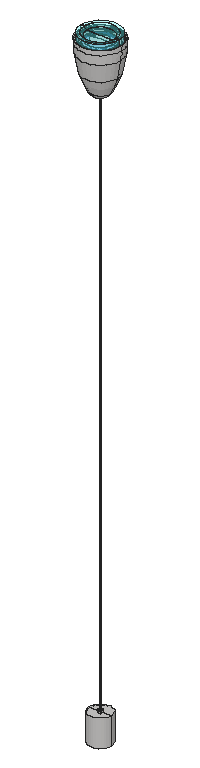
Revit family "50700_BEGA_Revit", category Generic Models, host Face, Revit 2017
Family settings
  Host = Face
  Can host rebar = No
  Round Connector Dimension = Use Diameter
  Part Type = Normal
  Cut with Voids When Loaded = No
  Shared = No
  Room Calculation Point = No
Parameters
  Default Elevation = 4' - 0"
Reference planes (in)
  plane 1 "Center (Front/Back)": y = 0
  plane 2: z = 0
  plane 3 "Center (Left/Right)": x = 0
Lines and regions (in)
  reference lines
    curve 1: line (0, 48, 0) -> (0, -48, 0)
    curve 2: line (48, 0, 0) -> (-48, 0, 0)
Dimensions and locks (in)
  aligned and locked: plane 2 to host face
  aligned and locked: level to host face
Nested families (in)
  nested 1: "50700.2_BEGA_Revit" at (0, 0, 0), type "BEGA_50700.2_K3"
    with Serial_number "Here you can enter the individual serial number for use in facility management.", Restrictions_to_operation_position "", Material_01 BEGA_finishes_graphite_matt, Distance_to_illuminated_objects "", Dimmable "DALI", Connected_wattage "13.4 W"
Definition of nested family "50700.2_BEGA_Revit"
  Parameters (values of type "BEGA_50700.2_K4")
    Weight = "1.95 kg"
    Voltage = 239.996 V
    Update = "2019-09-02T04:00:22"
    URL = "http://www.bega.de/de/produkt/50700.2"
    Type Comments = "© 2019 BEGA. Technical amendments reserved."
    Surface_temperature = ""
    Service_life_criteria = "L70B50 @ 25 °C = 275000 h"
    Serial_number [instance] = "Here you can enter the individual serial number for use in facility management."
    Safety_class = "I"
    Restrictions_to_operation_position [instance] = ""
    Protection_class = "IP 20"
    Product_data_sheet = "http://www.bega.de/download/Xrfa/db/50700.2.db.en.pdf"
    Order_number = "50700.2K4"
    Number_of_luminaires = ""
    Model = "50700.2K4"
    Material_18 = none
    Material_17 = none
    Material_15 = none
    Material_11 = none
    Material_10 = none
    Material_09 = none
    Material_06 = none
    Material_03 = none
    Material_02 = none
    Material_01 [instance] = none
    Manufacturer = "BEGA"  # constant formula
    M_W = no
    M_G = no
    M_A = no
    Luminaire_luminous_flux = "1195 lm"
    Logo = 0
    Load_Classification = none
    Lamp_luminous_flux = "1760 lm"
    Lamp = "LED 11.5 W"
    LED_module_designation = "LED-0800/940"
    Half_beam_angle = ""
    Frequency = "0/50-60 Hz"
    Fixing_hole = ""
    Fixing_distance = ""
    Energy_efficiency_class = "LED A++ - A"
    built-in parameter 1150104 = 14.214 (stored number, unit not read)
    Wattage = 11.5 W
    ENEC = ""
    Distance_to_illuminated_objects [instance] = ""
    Dimmable [instance] = "DALI"
    Description_custom_made_product = "Here you can specify modifications of your custom-made product"
    Description = "Pendant luminaire"
    Default Elevation = 0' - 0"
    built-in parameter 1150113 = 1 (stored number, unit not read)
    Custom_made_product = no
    Current = ""
    Connection_box = ""
    Connecting_cable = ""
    Connected_wattage [instance] = "13.4 W"
    Colour_temperature = "4000 K"
    Colour_rendering_index = "CRI > 90"
    CE_conformity = "yes"
    Bega_IES = yes
    Ballproof = ""
    built-in parameter 1114218 = 1 (stored number, unit not read)
    built-in parameter 1150134 = 12
    built-in parameter 1150109 = 1 (stored number, unit not read)
    built-in parameter 1150110 = 1 (stored number, unit not read)
    Tilt Angle = 0.00°
    built-in parameter 1114217 = 1 (stored number, unit not read)
    built-in parameter 1150139 = (empty or 0)
    built-in parameter 1150105 = 140.02 (stored number, unit not read)
    built-in parameter 1150114 = 1 (stored number, unit not read)
    Lumens = 1759.5 lm
    built-in parameter 1150115 = 1 (stored number, unit not read)
    built-in parameter 1150112 = 1 (stored number, unit not read)
    Dimming Lamp Color Temperature Shift = (empty or 0)
    Color Filter = 16777215
    BEGA_internal_structure = yes
    BEGA_internal_on = yes
    BEGA_internal_off = yes
    BEGA_internal = yes
    BEGA_dummy = no
    built-in parameter 1150133 = 10 (stored number, unit not read)
    built-in parameter 1150137 = (empty or 0)
    built-in parameter 1150132 = (empty or 0)
    Photometric Web File = "BE_50700K4.IES"
    built-in parameter 1150106 = 1.4002 (stored number, unit not read)
    built-in parameter 1150107 = 4000 (stored number, unit not read)
    built-in parameter 1150102 = (empty or 0)
    built-in parameter 1150138 = (empty or 0)
    Apparent Load = 0 VA
    Ambient_temperature = "25 °C"
    AC/DC = "AC/DC"
  Types (2): name | Order_number | Model | Luminaire_luminous_flux | Lamp_luminous_flux | LED_module_designation | built-in parameter 1150104 | Colour_temperature | built-in parameter 1150134 | built-in parameter 1150105 | Lumens | Photometric Web File | built-in parameter 1150106 | built-in parameter 1150107
    BEGA_50700.2_K3 | "50700.2K3" | "50700.2K3" | "1178 lm" | "1735 lm" | "LED-0800/930" | 14.019 (stored number, unit not read) | "3000 K" | (empty or 0) | 138.09 (stored number, unit not read) | 1735.35 lm | "BE_50700K3.IES" | 1.3809 (stored number, unit not read) | 3000 (stored number, unit not read)
    BEGA_50700.2_K4 | "50700.2K4" | "50700.2K4" | "1195 lm" | "1760 lm" | "LED-0800/940" | 14.214 (stored number, unit not read) | "4000 K" | 12 | 140.02 (stored number, unit not read) | 1759.5 lm | "BE_50700K4.IES" | 1.4002 (stored number, unit not read) | 4000 (stored number, unit not read)
  Reference planes (in)
    plane 1 "Center (Front/Back)": y = 0
    plane 2: z = 0
    plane 3 "Center (Left/Right)": x = 0
    plane 4 "left": x = -2.62394
    plane 5 "right": x = 2.62394
    plane 6 "down": y = -2.62394
    plane 7 "up": y = 2.62394
    plane 8 "Back": z = 0
    plane 9 "Front": z = 78.74016
  Forms (in)
    Extrusion 1, solid
      sketch origin (0, 0, 0) x (1, 0, 0) y (0, 1, 0)
        loop
          line (-7.87402, 7.87402) -> (-7.87402, -7.87402) -> (7.87402, -7.87402) -> (7.87402, 7.87402) -> (-7.87402, 7.87402)
      from 0 to -0.3937
    Extrusion 2, solid, visible <- "BEGA_dummy"
      sketch origin (3.03736, -2.99303, 0) x (1, 0, 0) y (0, 1, 0)
        loop
          circle (-3.03736, 2.99303) r 2.62394
      from 0 to 78.74016
  Dimensions and locks (in)
    aligned and locked: plane 2 to Extrusion 1
    aligned and locked: level to Extrusion 1
  Nested families (in)
    nested 1: "50700.2" at (0, 0, 0), type "50700.2"
  Connectors (in)
    electrical at (0, 0, 0), driven by "Apparent Load", driven by "Load_Classification", driven by "Voltage"
      settings: on Extrusion 1, index 1, voltage 239.996 V, apparent load 0 VA, apparent load phase1 0 VA, apparent load phase2 0 VA, apparent load phase3 0 VA, power factor 1, load classification none, number of poles 1, system type 31, power factor state 1, is connector primary yes, connector utility no, sub classification motor no, connector description ""
  Definition of nested family "50700.2"
    Parameters (values of type "50700.2")
      Default Elevation = 0' - 0.03937"
      URL = "http://www.bega.de/de/produkt"
      Type Comments = "© 2015 BEGA. Wir behalten uns das Recht vor, technische Änderungen ohne vorherige Ankündigung vorzunehmen. "  # constant formula
      Type Image = (empty or 0)
      Neigungswinkel_um_Z2 = 0.00°
      Neigungswinkel_um_Z1 = 0.00°
      Neigungswinkel_um_Y2 = 0.00°
      Neigungswinkel_um_Y1 = 0.00°
      Neigungswinkel_um_X2 = 0.00°
      Neigungswinkel_um_X1 = 0.00°
      Material_18 = none
      Material_17 = none
      Material_15 = none
      Material_11 = none
      Material_10 = none
      Material_09 = none
      Material_06 = none
      Material_02 = none
      Material_01 = none
      M_W = yes
      M_G = yes
      M_A = yes
      Länge_Platte = 0' - 7.87402"  # constant formula
      Höhe_Platte = -0' - 0.3937"  # constant formula
      Manufacturer = "BEGA"  # constant formula
      Drehwinkel_um_Z2 = 0.00°
      Drehwinkel_um_Z1 = 0.00°
      Breite_Platte = 0' - 7.87402"  # constant formula
    Reference planes (in)
      plane 1 "Mitte (Oben/Unten)": y = 0
      plane 2: z = 0
      plane 3 "Mitte (Links/Rechts)": x = 0
      plane 4: z = 78.74016
      plane 5: x = 2.62394
      plane 6: x = -2.62394
      plane 7: z = 0
      plane 8: y = 2.62394
      plane 9: y = -2.62394
    Forms (in)
      Extrusion 1, solid, detail levels medium
        sketch origin (0, 0, 0) x (1, 0, 0) y (0, 1, 0)
          loop
            line (-3.93701, 3.93701) -> (-3.93701, -3.93701) -> (3.93701, -3.93701) -> (3.93701, 3.93701) -> (-3.93701, 3.93701)
        from 0 to -0.3937 <- "Höhe_Platte"
      Revolve 2, solid, material <- "Material_09"
        sketch origin (0, 0, 0) x (1, 0, 0) y (0, 0, 1)
          loop
            line (-2.42126, 77.83465) -> (-2.12588, 77.83465) -> (-2.11558, 77.44094) -> (-1.81091, 77.44094) -> (-1.81091, 77.55906) -> (-1.80184, 77.73202)
            arc (-1.80184, 77.73202) -> (-1.75027, 77.85438) -> (-1.63272, 77.91616) r 0.19686
            arc (-1.63272, 77.91616) -> (-0.81836, 78.00214) -> (0, 78.03147) r 11.80979
            line (0, 78.03147) -> (0, 78.34647)
            arc (0, 78.34647) -> (-0.80736, 78.36619) -> (-1.6128, 78.42531) r 16.53541
            arc (-1.6128, 78.42531) -> (-1.83867, 78.5253) -> (-1.96052, 78.74016) r 0.39372
            line (-1.96052, 78.74016) -> (-2.40545, 78.74016) -> (-2.42126, 77.83465)
          axis (0, 78.74016) -> (0, 77.44094)
        angle from 0 to 360
      Revolve 3, solid, material <- "Material_06"
        sketch origin (0, 0, 0) x (1, 0, 0) y (0, 0, 1)
          loop
            line (-2.62394, 78.14961) -> (-2.61497, 77.63588)
            arc (-2.61497, 77.63588) -> (-2.59273, 77.07794) -> (-2.54542, 76.52156) r 12.41445
            arc (-2.54542, 76.52156) -> (-2.38385, 75.45002) -> (-2.13225, 74.39599) r 12.80224
            arc (-2.13225, 74.39599) -> (-1.76288, 73.369) -> (-1.25654, 72.40217) r 7.96159
            arc (-1.25654, 72.40217) -> (-0.78143, 71.88645) -> (-0.14688, 71.58807) r 1.82415
            line (-0.14688, 71.58807) -> (0, 71.58807) -> (0, 71.76898) -> (-0.36628, 71.76898)
            arc (-0.36628, 71.76898) -> (-0.9409, 72.17226) -> (-1.35268, 72.74081) r 2.12409
            arc (-1.35268, 72.74081) -> (-1.71226, 73.45823) -> (-1.97855, 74.21526) r 6.35444
            line (-1.97855, 74.21526) -> (-2.02746, 76.08268) -> (-2.28673, 76.08268) -> (-2.33258, 77.83465) -> (-2.42594, 77.83465) -> (-2.42905, 78.01181) -> (-2.52309, 78.01181) -> (-2.52548, 78.14961) -> (-2.62394, 78.14961)
          axis (0, 71.58807) -> (0, 78.14961)
        angle from 0 to 360
      Revolve 4, solid, material <- "Material_18"
        sketch origin (0, 0, 0) x (1, 0, 0) y (0, 0, 1)
          loop
            line (-0.07857, 2.71654) -> (0, 2.71654) -> (0, 72.28451)
            arc (0, 72.28451) -> (-0.03928, 72.28445) -> (-0.07857, 72.28425) r 11.94158
            line (-0.07857, 72.28425) -> (-0.07857, 2.71654)
          axis (0, 72.28451) -> (0, 2.71654)
        angle from 0 to 360
      Revolve 5, solid, material <- "Material_06"
        sketch origin (0, 0, 0) x (1, 0, 0) y (0, 0, 1)
          loop
            line (-1.34075, 0) -> (-1.34075, 3.30944) -> (-0.16885, 3.30944) -> (-0.16885, 3.34646) -> (-1.37933, 3.34646) -> (-1.37933, 0) -> (-1.34075, 0)
          axis (0, 3.34646) -> (0, 0)
        angle from 0 to 360
      Revolve 6, solid, material <- "Material_06"
        sketch origin (0, 0, 0) x (1, 0, 0) y (0, 0, 1)
          loop
            line (-0.27635, 3.46457) -> (-0.27635, 3.34646) -> (-0.16295, 3.34646) -> (-0.16295, 3.30333) -> (-0.27635, 3.30333) -> (-0.27635, 3.27204) -> (-0.08571, 3.27204) -> (-0.08571, 3.46457) -> (-0.27635, 3.46457)
          axis (0, 3.46457) -> (0, 3.27204)
        angle from 0 to 360
      Revolve 7, solid, material <- "Material_10"
        sketch origin (0, 0, 0) x (1, 0, 0) y (0, 0, 1)
          loop
            arc (-1.63272, 77.91616) -> (-1.75027, 77.85438) -> (-1.80184, 77.73202) r 0.19686
            line (-1.80184, 77.73202) -> (-1.81091, 77.55906) -> (-1.81091, 77.44094) -> (-1.78781, 77.46404) -> (-1.78781, 77.55906) -> (-1.77877, 77.73153)
            arc (-1.77877, 77.73153) -> (-1.73454, 77.84131) -> (-1.62999, 77.89677) r 0.17256
            arc (-1.62999, 77.89677) -> (-1.34612, 77.93282) -> (-1.0615, 77.96241) r 12.59331
            line (-1.0615, 77.96241) -> (-1.03948, 77.98443)
            arc (-1.03948, 77.98443) -> (-1.33653, 77.95404) -> (-1.63272, 77.91616) r 11.80979
          axis (0, 77.98443) -> (0, 77.44094)
        angle from 0 to 360
      Revolve 8, solid, material <- "Material_17"
        sketch origin (0, 0, 0) x (1, 0, 0) y (0, 0, 1)
          loop
            line (-2.1377, 77.44094) -> (-2.1377, 77.40157) -> (-1.96281, 77.40157)
            arc (-1.96281, 77.40157) -> (-1.54588, 76.83781) -> (-1.01612, 76.37843) r 3.1987
            line (-1.01612, 76.37843) -> (-0.39316, 76.33489) -> (-0.39316, 76.37435) -> (-1.00798, 76.41732)
            arc (-1.00798, 76.41732) -> (-1.52291, 76.87793) -> (-1.92333, 77.44094) r 3.10717
            line (-1.92333, 77.44094) -> (-2.1377, 77.44094)
          axis (0, 76.33489) -> (0, 77.44094)
        angle from 0 to 360
      Revolve 9, solid, material <- "Material_15"
        sketch origin (0, 0, 0) x (1, 0, 0) y (0, 0, 1)
          loop
            line (0, 76.20079) -> (0, 76.26181) -> (-0.39316, 76.26181) -> (-0.39316, 76.20079) -> (0, 76.20079)
          axis (0, 76.20079) -> (0, 76.26181)
        angle from 0 to 360
    Dimensions and locks (in)
      equal spacing: Extrusion 1 sketch curve, plane 3 "Mitte (Links/Rechts)", Extrusion 1 sketch curve
      equal spacing: Extrusion 1 sketch curve, plane 1 "Mitte (Oben/Unten)", Extrusion 1 sketch curve
      "Länge_Platte": Extrusion 1 sketch curve to Extrusion 1 sketch curve
      "Breite_Platte": Extrusion 1 sketch curve to Extrusion 1 sketch curve
      aligned and locked: plane 2 to Extrusion 1
      aligned and locked: level to Extrusion 1
    Automatic sketch dimensions
      Revolve 2 sketch curve to plane 3 "Mitte (Links/Rechts)" = 0' - 2.40545"
      Revolve 2 sketch curve to Revolve 2 sketch curve = 0' - 0.01581"
      Revolve 2 sketch curve to Revolve 2 sketch curve = 0' - 0.44493"
      Revolve 2 sketch curve to Revolve 2 sketch curve = 0' - 0.90551"
      Revolve 2 sketch curve to Revolve 2 sketch curve = 0' - 0.38612"
      Revolve 2 sketch curve to Revolve 2 sketch curve = 0' - 0.077"
      Revolve 2 sketch curve to Revolve 2 sketch curve = 0' - 0.03839"
      Revolve 2 sketch curve to Revolve 2 sketch curve = 0' - 0.61942"
      Revolve 2 sketch curve to Revolve 2 sketch curve = 0' - 0.19656"
      Revolve 2 sketch curve to plane 3 "Mitte (Links/Rechts)" = 0' - 0"  (x3)
      plane 3 "Mitte (Links/Rechts)" to Revolve 2 sketch curve = 0' - 0.01367"
      Revolve 2 sketch curve to Revolve 2 sketch curve = 0' - 0.10263"
      Revolve 2 sketch curve to Revolve 2 sketch curve = 0' - 0.01079"
      Revolve 2 sketch curve to Revolve 2 sketch curve = 0' - 11.49953"
      Revolve 2 sketch curve to Revolve 2 sketch curve = 1' - 4.06472"
      Revolve 2 sketch curve to Revolve 2 sketch curve = 0' - 0.00907"
      Revolve 2 sketch curve to Revolve 2 sketch curve = 0' - 0.02744"
      Revolve 2 sketch curve to Revolve 2 sketch curve = 0' - 0"  (x3)
      Revolve 2 sketch curve to Revolve 2 sketch curve = 0' - 0.17296"
      Revolve 2 sketch curve to Revolve 2 sketch curve = 0' - 0.315"
      Revolve 2 sketch curve to Revolve 2 sketch curve = 0' - 0.11811"
      Revolve 2 sketch curve to Revolve 2 sketch curve = 0' - 0 39/128"
      Revolve 2 sketch curve to Revolve 2 sketch curve = 0' - 0.29538"
      Revolve 3 sketch curve to plane 3 "Mitte (Links/Rechts)" = 0' - 0"  (x2)
      Revolve 3 sketch curve to Revolve 3 sketch curve = 0' - 0.14688"
      Revolve 3 sketch curve to Revolve 3 sketch curve = 0' - 0.2194"
      Revolve 3 sketch curve to plane 3 "Mitte (Links/Rechts)" = 0' - 1.97855"
      Revolve 3 sketch curve to Revolve 3 sketch curve = 0' - 0.09336"
      Revolve 3 sketch curve to Revolve 3 sketch curve = 0' - 0.00311"
      Revolve 3 sketch curve to Revolve 3 sketch curve = 0' - 0.09404"
      Revolve 3 sketch curve to Revolve 3 sketch curve = 0' - 0.00239"
      Revolve 3 sketch curve to Revolve 3 sketch curve = 0' - 0.18903"
      Revolve 3 sketch curve to Revolve 3 sketch curve = 0' - 0.09846"
      plane 3 "Mitte (Links/Rechts)" to Revolve 3 sketch curve = 0' - 0.2976"
      Revolve 3 sketch curve to Revolve 3 sketch curve = 0' - 0.25224"
      Revolve 3 sketch curve to Revolve 3 sketch curve = 0' - 1.38955"
      Revolve 3 sketch curve to Revolve 3 sketch curve = 0' - 0.38555"
      Revolve 3 sketch curve to Revolve 3 sketch curve = 0' - 0.18091"
      Revolve 3 sketch curve to Revolve 3 sketch curve = 0' - 1.58826"
      Revolve 3 sketch curve to Revolve 3 sketch curve = 0' - 0 21/64"
      Revolve 3 sketch curve to Revolve 3 sketch curve = 0' - 0.85802"
      Revolve 3 sketch curve to Revolve 3 sketch curve = 0' - 2.25577"
      Revolve 3 sketch curve to Revolve 3 sketch curve = 0' - 0.62951"
      Revolve 3 sketch curve to Revolve 3 sketch curve = 0' - 0.19876"
      Revolve 3 sketch curve to Revolve 3 sketch curve = 0' - 1.28064"
      Revolve 3 sketch curve to Revolve 3 sketch curve = 0' - 0.04154"
      Revolve 3 sketch curve to Revolve 3 sketch curve = 0' - 0.17717"
      Revolve 3 sketch curve to Revolve 3 sketch curve = 0' - 0.1378"
      Revolve 3 sketch curve to Revolve 3 sketch curve = 0' - 0"  (x2)
      Revolve 3 sketch curve to Revolve 3 sketch curve = 0' - 0.51796"
      Revolve 3 sketch curve to Revolve 3 sketch curve = 0' - 0.25928"
      Revolve 3 sketch curve to Revolve 3 sketch curve = 0' - 0.32824"
      Revolve 3 sketch curve to Revolve 3 sketch curve = 0' - 0.43888"
      Revolve 3 sketch curve to Revolve 3 sketch curve = 0' - 1.5532"
      Revolve 4 sketch curve to plane 3 "Mitte (Links/Rechts)" = 0' - 0"  (x2)
      Revolve 4 sketch curve to plane 3 "Mitte (Links/Rechts)" = 0' - 0.07857"
      Revolve 4 sketch curve to Revolve 4 sketch curve = 5' - 9.56772"
      Revolve 4 sketch curve to Revolve 4 sketch curve = 0' - 0.00026"
      Revolve 5 sketch curve to level = 0' - 0"
      Revolve 5 sketch curve to plane 3 "Mitte (Links/Rechts)" = 0' - 1.37933"
      Revolve 5 sketch curve to Revolve 5 sketch curve = 0' - 0.03858"
      Revolve 5 sketch curve to Revolve 5 sketch curve = 0' - 3.30944"
      Revolve 5 sketch curve to plane 3 "Mitte (Links/Rechts)" = 0' - 0.16885"
      Revolve 5 sketch curve to Revolve 5 sketch curve = 0' - 0.03701"
      Revolve 7 sketch curve to Revolve 7 sketch curve = 0' - 0.00907"
      Revolve 7 sketch curve to Revolve 7 sketch curve = 0' - 0.0231"  (x2)
      Revolve 7 sketch curve to Revolve 7 sketch curve = 0' - 0.02307"
      Revolve 7 sketch curve to Revolve 7 sketch curve = 0' - 0.17246"
      Revolve 7 sketch curve to Revolve 7 sketch curve = 0' - 0.00102"
      Revolve 7 sketch curve to Revolve 7 sketch curve = 0' - 0.54481"
      plane 3 "Mitte (Links/Rechts)" to Revolve 7 sketch curve = 0' - 0.01367"
      plane 3 "Mitte (Links/Rechts)" to Revolve 7 sketch curve = 0' - 0.09832"
      Revolve 7 sketch curve to Revolve 7 sketch curve = 0' - 0.79908"
      Revolve 7 sketch curve to Revolve 7 sketch curve = 0' - 11.33736"
      Revolve 7 sketch curve to Revolve 7 sketch curve = 0' - 0"  (x3)
      Revolve 7 sketch curve to Revolve 7 sketch curve = 0' - 0.16217"
      Revolve 7 sketch curve to Revolve 7 sketch curve = 0' - 0.00462"
      Revolve 7 sketch curve to Revolve 7 sketch curve = 0' - 0.00569"
      Revolve 7 sketch curve to Revolve 7 sketch curve = 0' - 0.00048"
      Revolve 7 sketch curve to Revolve 7 sketch curve = 0' - 0.06564"
      Revolve 7 sketch curve to Revolve 7 sketch curve = 0' - 0.00273"
      Revolve 7 sketch curve to Revolve 7 sketch curve = 0' - 0.02202"
      Revolve 7 sketch curve to plane 3 "Mitte (Links/Rechts)" = 0' - 1.03948"
      Revolve 7 sketch curve to Revolve 7 sketch curve = 0' - 0.09501"
      Revolve 7 sketch curve to plane 3 "Mitte (Links/Rechts)" = 0' - 0"
      Revolve 7 sketch curve to Revolve 7 sketch curve = 0' - 4.81358"
      Revolve 7 sketch curve to Revolve 7 sketch curve = 0' - 2.01714"
      Revolve 8 sketch curve to plane 3 "Mitte (Links/Rechts)" = 0' - 1.00798"
      Revolve 8 sketch curve to plane 3 "Mitte (Links/Rechts)" = 0' - 0.39316"
      plane 3 "Mitte (Links/Rechts)" to Revolve 8 sketch curve = 0' - 0.79327"
      Revolve 8 sketch curve to Revolve 8 sketch curve = 0' - 0.0087"
      Revolve 8 sketch curve to Revolve 8 sketch curve = 0' - 0.03947"
      Revolve 8 sketch curve to Revolve 8 sketch curve = 0' - 0 11/256"
      Revolve 8 sketch curve to Revolve 8 sketch curve = 0' - 0.98425"
      Revolve 8 sketch curve to Revolve 8 sketch curve = 0' - 0.03937"
      Revolve 8 sketch curve to Revolve 8 sketch curve = 0' - 0.06106"
      Revolve 8 sketch curve to Revolve 8 sketch curve = 0' - 0.17489"
      Revolve 8 sketch curve to Revolve 8 sketch curve = 0' - 0.03948"
      Revolve 8 sketch curve to Revolve 8 sketch curve = 0' - 0.00815"
      Revolve 8 sketch curve to Revolve 8 sketch curve = 0' - 0.0389"
      Revolve 9 sketch curve to plane 3 "Mitte (Links/Rechts)" = 0' - 0.39316"
      plane 3 "Mitte (Links/Rechts)" to Revolve 9 sketch curve = 0' - 0"
      Revolve 9 sketch curve to Revolve 9 sketch curve = 0' - 0.06102"
      Revolve 6 sketch curve to plane 3 "Mitte (Links/Rechts)" = 0' - 0"
      Revolve 6 sketch curve to plane 3 "Mitte (Links/Rechts)" = 0' - 0.08571"
      Revolve 6 sketch curve to Revolve 6 sketch curve = 0' - 0.07724"
      Revolve 6 sketch curve to Revolve 6 sketch curve = 0' - 0.11341"
      Revolve 6 sketch curve to Revolve 6 sketch curve = 0' - 0"
      level to Revolve 6 sketch curve = 0' - 3.27204"
      Revolve 6 sketch curve to Revolve 6 sketch curve = 0' - 0.0313"
      Revolve 6 sketch curve to Revolve 6 sketch curve = 0' - 0.04312"
      Revolve 6 sketch curve to Revolve 6 sketch curve = 0' - 0.11811"
      level to Revolve 2 sketch curve = 5' - 6.22169"
      Revolve 2 sketch curve to Revolve 2 sketch curve = 0' - 4.81358"
      Revolve 2 sketch curve to Revolve 2 sketch curve = 0' - 1.6551"
      level to Revolve 3 sketch curve = 5' - 11.58807"
      Revolve 3 sketch curve to Revolve 3 sketch curve = 0' - 0.06926"
      Revolve 3 sketch curve to Revolve 3 sketch curve = 0' - 0.1213"
      level to Revolve 4 sketch curve = 0' - 2.71654"
      Revolve 4 sketch curve to Revolve 4 sketch curve = 1' - 1.36347"
      Revolve 6 sketch curve to Revolve 6 sketch curve = 1' - 0.61544"
      level to Revolve 7 sketch curve = 5' - 5.42262"
      Revolve 8 sketch curve to plane 3 "Mitte (Links/Rechts)" = 0' - 0"
      level to Revolve 8 sketch curve = 6' - 4.33489"
      Revolve 8 sketch curve to Revolve 8 sketch curve = 0' - 4.81608"
      Revolve 8 sketch curve to Revolve 8 sketch curve = 0' - 1.33899"
      Revolve 9 sketch curve to plane 3 "Mitte (Links/Rechts)" = 0' - 0"
      level to Revolve 9 sketch curve = 6' - 4.20079"
      Revolve 9 sketch curve to Revolve 9 sketch curve = 0' - 4.68198"
      Revolve 9 sketch curve to Revolve 9 sketch curve = 0' - 1.45153"
      Revolve 3 sketch curve to Revolve 3 sketch curve = 0' - 0.04891"
      plane 3 "Mitte (Links/Rechts)" to Revolve 3 sketch curve = 0' - 4.13704"
      Revolve 4 sketch curve to level = 0' - 10.79362"
      Revolve 6 sketch curve to level = 0' - 10.79362"
